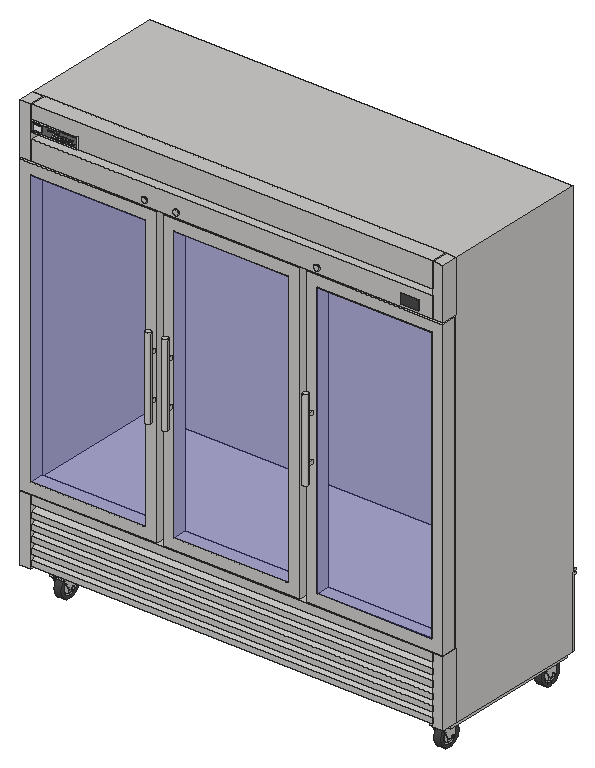
Revit family "QF_TRUE_TS-72G-HC~FGD01", category Specialty Equipment, Revit 2015 (continued)
Definition of nested family "Caster-Legs"
  Definition of nested family "2.13"
    Forms (in)
      Extrusion 5, solid, visible <- "2.5 Inches Caster"
        sketch origin (1.98481, 1.80294, -2.1291) x (0, 1, 0) y (0, 0, -1)
          loop
            arc (-0.6121, -2.61396) -> (-0.94802, -2.37355) -> (-1.29729, -2.59413) r 0.37001
            arc (-1.29729, -2.59413) -> (-1.36136, -2.78161) -> (-1.39241, -2.97729) r 1.15385
            arc (-1.39241, -2.97729) -> (-1.62379, -3.51899) -> (-2.13999, -3.80272) r 0.90292
            line (-2.13999, -3.80272) -> (-2.21294, -3.80272) -> (-2.21294, -4.05298)
        from 2.74918 to 2.90825
    Lines and regions (in)
      symbolic lines, visible <- "2.5 Inches Caster"
        curve 1: line (0.10651, 1.27186, 0) -> (0.80944, 0.86603, 0)
        curve 2: line (-0.89349, -0.46019, 0) -> (0.10651, 1.27186, 0)
        curve 3: line (-0.19056, -0.86603, 0) -> (-0.89349, -0.46019, 0)
        curve 4: line (0.80944, 0.86603, 0) -> (-0.19056, -0.86603, 0)
    Dimensions and locks (in)
      plane 4 "TOP" to level = 2 1/8"  (x2)
      aligned and locked: level to plane 1
  Definition of nested family "C4"
    Parameters
      Weight = ""
      URL Manufacturer = ""
      URL Cutsheet = ""
      URL = ""
      Type Mark [instance] = ""
      Specification by User [instance] = ""
      Specification by Manufacturer = ""
      Show 4 Inches Casters [instance] = yes
      Serial Number = ""
      Seismic Rating = ""
      SMACNA No = ""
      Revision Code [instance] = ""
      Omniclass Number and Title = ""
      NAFEM Spec ID Number = ""
      Model = ""
      MasterSpec. = ""
      Manufacturer = ""
      Item Number [instance] = ""
      Installed By [instance] = ""
      Identify Quantity as Lot [instance] = yes
      Furnished By [instance] = ""
      Foodservice Equipment Identifier [instance] = yes
      Description = ""
      CSI MasterFormat = ""
      CSI Master Format = ""
      Assembly Code = ""
    Reference planes (in)
      plane 1: z = 0
      plane 2 "RIGHT": x = 0
      plane 3 "FRONT": y = 0
      plane 4 "TOP": z = 4
    Forms (in)
      Revolve 1, solid, visible <- "Show 4 Inches Casters"
        sketch origin (-1.93794, 0.83816, -1.0041) x (1, 0, 0) y (0, 0, 1)
          loop
            line (0.74055, 2.5041) -> (3.15007, 2.5041) -> (3.15007, 2.5796) -> (3.10007, 2.6296) -> (3.04007, 2.6296) -> (3.04007, 2.74967) -> (2.62438, 2.74967) -> (2.62438, 2.93884) -> (2.48438, 3.01967) -> (2.45908, 3.17597) -> (2.51563, 3.17597) -> (2.51563, 3.41035) -> (2.48438, 3.41035) -> (2.48438, 4.0041) -> (1.375, 4.0041) -> (1.375, 3.41035) -> (1.34375, 3.41035) -> (1.34375, 3.17597) -> (1.4003, 3.17597) -> (1.37557, 3.02318) -> (1.235, 2.94202) -> (1.235, 2.74967) -> (0.85055, 2.74967) -> (0.85055, 2.6296) -> (0.79055, 2.6296) -> (0.74055, 2.5796) -> (0.74055, 2.5041)
          axis (0.74055, 2.5041) -> (3.15007, 2.5041)
        angle from 0 to 360
      Extrusion 2, solid, visible <- "Show 4 Inches Casters"
        sketch origin (-1.93794, 1.80294, -1.7541) x (0, 1, 0) y (0, 0, 1)
          loop
            line (-3.08794, 5.33423) -> (-3.08794, 5.00584) -> (-2.69466, 5.00584)
            arc (-2.69466, 5.00584) -> (-1.57175, 4.94895) -> (-0.46376, 4.75787) r 9.36411
            arc (-0.46376, 4.75787) -> (-0.05889, 4.58436) -> (0.28335, 4.30705) r 1.60049
            line (0.28335, 4.30705) -> (0.34449, 4.39437)
            arc (0.34449, 4.39437) -> (0.12713, 4.6163) -> (-0.1239, 4.79931) r 1.8753
            line (-0.1239, 4.79931) -> (-0.05749, 4.91421)
            arc (-0.05749, 4.91421) -> (-0.33807, 5.05694) -> (-0.64294, 5.13542) r 1.44292
            line (-0.64294, 5.13542) -> (-0.64294, 5.33423) -> (-3.08794, 5.33423)
        from 1.1267 to 2.74918
      Revolve 3, solid, visible <- "Show 4 Inches Casters"
        sketch origin (0, 2.15543, -2.25) x (0, 1, 0) y (0, 0, 1)
          loop
            line (-2.21793, 6.25) -> (-2.21793, 5.83014) -> (-1.05793, 5.83014) -> (-1.05793, 6.25) -> (-2.21793, 6.25)
          axis (-2.21793, 5.83014) -> (-2.21793, 6.25)
        angle from 0 to 360
      Extrusion 4, solid, visible <- "Show 4 Inches Casters"
        sketch origin (-1.93794, 1.80294, -1.7541) x (0, 1, 0) y (0, 0, 1)
          loop
            line (-3.08794, 5.33423) -> (-3.08794, 5.00584) -> (-2.8913, 5.00584)
            arc (-2.8913, 5.00584) -> (-2.09118, 4.14057) -> (-1.45681, 3.14736) r 6.63355
            arc (-1.45681, 3.14736) -> (-0.85703, 2.75969) -> (-0.4561, 3.35069) r 0.5107
            arc (-0.4561, 3.35069) -> (-0.27092, 3.92503) -> (0.24034, 4.24562) r 0.88136
            line (0.24034, 4.24562) -> (0.34449, 4.39437)
            arc (0.34449, 4.39437) -> (0.12713, 4.6163) -> (-0.1239, 4.79931) r 1.8753
            line (-0.1239, 4.79931) -> (-0.05749, 4.91421)
            arc (-0.05749, 4.91421) -> (-0.33807, 5.05694) -> (-0.64294, 5.13542) r 1.44292
            line (-0.64294, 5.13542) -> (-0.64294, 5.33423) -> (-3.08794, 5.33423)
        from 2.74918 to 2.90825
      Extrusion 5, solid, visible <- "Show 4 Inches Casters"
        sketch origin (1.93794, 1.80294, -1.7541) x (0, 1, 0) y (0, 0, -1)
          loop
            line (-3.08794, -5.33423) -> (-0.64294, -5.33423) -> (-0.64294, -5.13542)
            arc (-0.64294, -5.13542) -> (-0.33807, -5.05694) -> (-0.05749, -4.91421) r 1.44292
            line (-0.05749, -4.91421) -> (-0.1239, -4.79931)
            arc (-0.1239, -4.79931) -> (0.12713, -4.6163) -> (0.34449, -4.39437) r 1.8753
            line (0.34449, -4.39437) -> (0.24034, -4.24562)
            arc (0.24034, -4.24562) -> (-0.27092, -3.92503) -> (-0.4561, -3.35069) r 0.88136
            arc (-0.4561, -3.35069) -> (-0.85703, -2.75969) -> (-1.45681, -3.14736) r 0.5107
            arc (-1.45681, -3.14736) -> (-2.09118, -4.14057) -> (-2.8913, -5.00584) r 6.63355
            line (-2.8913, -5.00584) -> (-3.08794, -5.00584) -> (-3.08794, -5.33423)
        from 2.74918 to 2.90825
    Cuts and joins
      joined: Extrusion 2, Extrusion 4, Extrusion 5
    Lines and regions (in)
      symbolic lines, visible <- "Show 4 Inches Casters"
        curve 1: line (0.28481, 1.83041, 0) -> (1.24556, 1.27572, 0)
        curve 2: line (-1.26206, -0.84886, 0) -> (0.28481, 1.83041, 0)
        curve 3: line (-0.30132, -1.40355, 0) -> (-1.26206, -0.84886, 0)
        curve 4: line (1.24556, 1.27572, 0) -> (-0.30132, -1.40355, 0)
    Dimensions and locks (in)
      plane 4 "TOP" to level = 4"  (x2)
      aligned and locked: level to plane 1
  Definition of nested family "6 Inches Leg & Caster"
    Parameters
      Weight = ""
      URL Manufacturer = ""
      URL Cutsheet = ""
      URL = ""
      Type Mark [instance] = ""
      Status [instance] = ""
      Specification by User [instance] = ""
      Specification by Manufacturer = ""
      Show Casters [instance] = yes
      Serial Number = ""
      Seismic Rating = ""
      SMACNA No = ""
      Revision Code [instance] = ""
      Omniclass Number and Title = ""
      NAFEM Spec ID Number = ""
      Model = ""
      MasterSpec. = ""
      Manufacturer = ""
      Item Number [instance] = ""
      Installed By [instance] = ""
      Identify Quantity as Lot [instance] = yes
      Furnished By [instance] = ""
      Foodservice Equipment Identifier [instance] = yes
      Description = ""
      CSI MasterFormat = ""
      CSI Master Format = ""
    Reference planes (in)
      plane 1 "BACK": y = 0
      plane 2: z = 0
      plane 3 "LEFT": x = 0
      plane 4 "RIGHT": x = 0
      plane 5 "FRONT": y = 0
      plane 6 "TOP": z = 6.25
    Forms (in)
      Revolve 1, solid, visible <- "Show Casters"
        sketch origin (-2.21793, 0, -0.25) x (-1, 0, 0) y (0, 0, 1)
          loop
            line (-2.21793, 6) -> (-2.21793, 5.55584) -> (-0.93693, 5.55584) -> (-0.93693, 6) -> (-2.21793, 6)
          axis (-2.21793, 5.55584) -> (-2.21793, 6)
        angle from 0 to 360
      Extrusion 2, solid, visible <- "Show Casters"
        sketch origin (0.25594, 2.21793, -0.1875) x (0, 1, 0) y (0, 0, 1)
          loop
            line (-3.37793, 5.49334) -> (-3.37793, 5.24334) -> (-1.63015, 2.08504)
            arc (-1.63015, 2.08504) -> (-0.63555, 1.74359) -> (-0.1951, 2.69848) r 0.78437
            line (-0.1951, 2.69848) -> (-1.06726, 5.49334) -> (-3.37793, 5.49334)
        from 0.78968 to 0.90247
      Extrusion 3, solid, visible <- "Show Casters"
        sketch origin (0, 0, 5.75) x (0, 1, 0) y (-1, 0, 0)
          loop
            circle (0, 0) r 0.75
        from 0 to 0.5
      Extrusion 4, solid, visible <- "Show Casters"
        sketch origin (-0.25594, 2.21793, -0.1875) x (0, 1, 0) y (0, 0, -1)
          loop
            line (-3.37793, -5.49334) -> (-1.06726, -5.49334) -> (-0.1951, -2.69848)
            arc (-0.1951, -2.69848) -> (-0.63555, -1.74359) -> (-1.63015, -2.08504) r 0.78437
            line (-1.63015, -2.08504) -> (-3.37793, -5.24334) -> (-3.37793, -5.49334)
        from 0.78968 to 0.90247
      Extrusion 5, solid, visible <- "Show Casters"
        sketch origin (0, 0, 0.75) x (0, 1, 0) y (0, 0, 1)
          loop
            line (-1.16, 4.55584) -> (-1.16, 4.30584) -> (1.15067, 4.30584) -> (1.15067, 4.55584) -> (-1.16, 4.55584)
        from -1.04562 to 1.04562
      Revolve 6, solid, visible <- "Show Casters"
        sketch origin (-1.9375, 1.23015, -0.12802) x (1, 0, 0) y (0, 0, 1)
          loop
            line (0.5843, 2.5041) -> (0.5843, 2.3661) -> (0.6343, 2.3161) -> (0.6943, 2.3161) -> (0.6943, 2.1804) -> (1.1725, 2.1804) -> (1.1725, 1.78493) -> (1.31307, 1.70377) -> (1.42647, 1.00302) -> (1.28125, 1.00302) -> (1.28125, 0.75302) -> (1.3125, 0.75302) -> (1.3125, 0.50302)
            arc (1.3125, 0.50302) -> (1.42233, 0.23785) -> (1.6875, 0.12802) r 0.375
            line (1.6875, 0.12802) -> (2.1875, 0.12802)
            arc (2.1875, 0.12802) -> (2.45267, 0.23785) -> (2.5625, 0.50302) r 0.375
            line (2.5625, 0.50302) -> (2.5625, 0.75302) -> (2.59375, 0.75302) -> (2.59375, 1.00302) -> (2.44853, 1.00302) -> (2.5625, 1.70728) -> (2.7025, 1.78811) -> (2.7025, 2.1804) -> (3.1807, 2.1804) -> (3.1807, 2.3161) -> (3.2407, 2.3161) -> (3.2907, 2.3661) -> (3.2907, 2.5041) -> (0.5843, 2.5041)
          axis (0.5843, 2.5041) -> (3.2907, 2.5041)
        angle from 0 to 360
    Cuts and joins
      joined: Extrusion 2, Extrusion 4, Extrusion 5
    Lines and regions (in)
      symbolic lines, visible <- "Show Casters"
        curve 1: line (0.46086, 2.04455, 0) -> (1.54339, 1.41955, 0)
        curve 2: line (-1.53914, -1.41955, 0) -> (0.46086, 2.04455, 0)
        curve 3: line (-0.45661, -2.04455, 0) -> (-1.53914, -1.41955, 0)
        curve 4: line (1.54339, 1.41955, 0) -> (-0.45661, -2.04455, 0)
    Dimensions and locks (in)
      plane 6 "TOP" to level = 6 1/4"  (x2)
      aligned and locked: level to plane 2
